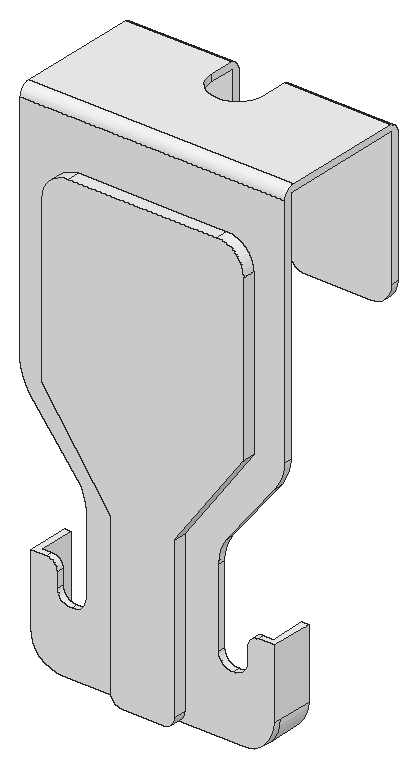
Revit family "clip_cs19", category 機械設備, Revit 2024
Family settings
  丸型コネクタ寸法 = 直径を使用
  種別 = なし
  パーツ タイプ = 標準
  作業面ベース = いいえ
  常に垂直 = はい
  ロード時にボイドで切り取り = いいえ
  注釈の向きを維持 = いいえ
  共有 = いいえ
  部屋計算ポイント = いいえ
Parameters
  製造元 = "株式会社桐井製作所"
  既定の高さ = 0 mm
  URL = "https://www.kirii.co.jp/"
  K_材質 = "SGCC　一般用"
  K_品名 = "CS-19用クリップ"
  K_名称 = "クリップ"
  K_単位質量(kg/個) = 0.009
  K_入数 = "1000"
  K_バージョン情報 = "20210524"
  K_めっき付着量 = "Z12"
  K_JIS規格 = "JIS G 3302"
  K_JIS外 [instance] = not(K_JIS)  # no
  K_JIS [instance] = yes
Reference planes
  plane 1 "中心(正面/背面)": y = 0
  plane 2: z = 0
  plane 3 "中心(左/右)": x = 0
Forms (mm)
  Extrusion 1, solid
    sketch origin (0, 0, 0) x (1, 0, 0) y (0, 0, 1)
      loop
        line (-9.5, 25) -> (-3, 16) -> (-3, 1)
        arc (-3, 1) -> (-2.707, 0.293) -> (-2, 0) r 1
        line (-2, 0) -> (2, 0)
        arc (2, 0) -> (2.707, 0.293) -> (3, 1) r 1
        line (3, 1) -> (3, 16) -> (9.5, 25) -> (9.5, 40.5)
        arc (9.5, 40.5) -> (8.768, 42.268) -> (7, 43) r 2.5
        line (7, 43) -> (-7, 43)
        arc (-7, 43) -> (-8.768, 42.268) -> (-9.5, 40.5) r 2.5
        line (-9.5, 40.5) -> (-9.5, 25)
    from -1.17 to 0
  Extrusion 2, solid
    sketch origin (0, 0, 0) x (1, 0, 0) y (0, 0, 1)
      loop
        line (-10.9, 10.122) -> (-11.5, 9.6) -> (-11.5, 3)
        arc (-11.5, 3) -> (-10.621, 0.879) -> (-8.5, 0) r 3
        line (-8.5, 0) -> (8.5, 0)
        arc (8.5, 0) -> (10.621, 0.879) -> (11.5, 3) r 3
        line (11.5, 3) -> (11.5, 9.6) -> (10.9, 10.122) -> (10.9, 3)
        arc (10.9, 3) -> (10.197, 1.303) -> (8.5, 0.6) r 2.4
        line (8.5, 0.6) -> (-8.5, 0.6)
        arc (-8.5, 0.6) -> (-10.197, 1.303) -> (-10.9, 3) r 2.4
        line (-10.9, 3) -> (-10.9, 10.122)
    from -5.17 to -1.8
  Extrusion 3, void
    sketch origin (0, 0, 0) x (1, 0, 0) y (0, 0, 1)
      loop
        arc (7.625, 6.006) -> (8.589, 6.323) -> (9, 7.25) r 1.25
        line (9, 7.25) -> (9, 8.6)
        arc (9, 8.6) -> (9.293, 9.307) -> (10, 9.6) r 1
        line (10, 9.6) -> (11.5, 9.6) -> (11.5, 3)
        arc (11.5, 3) -> (10.621, 0.879) -> (8.5, 0) r 3
        line (8.5, 0) -> (12.5, 0) -> (12.5, 25.377)
        arc (12.5, 25.377) -> (12.282, 24.075) -> (11.652, 22.915) r 4
        line (11.652, 22.915) -> (7.098, 17.085)
        arc (7.098, 17.085) -> (6.468, 15.925) -> (6.25, 14.623) r 4
        line (6.25, 14.623) -> (6.25, 7.25)
        arc (6.25, 7.25) -> (6.661, 6.323) -> (7.625, 6.006) r 1.25
      loop
        line (-12.5, 25.377) -> (-12.5, 0) -> (-8.5, 0)
        arc (-8.5, 0) -> (-10.621, 0.879) -> (-11.5, 3) r 3
        line (-11.5, 3) -> (-11.5, 9.6) -> (-10, 9.6)
        arc (-10, 9.6) -> (-9.293, 9.307) -> (-9, 8.6) r 1
        line (-9, 8.6) -> (-9, 7.25)
        arc (-9, 7.25) -> (-8.589, 6.323) -> (-7.625, 6.006) r 1.25
        arc (-7.625, 6.006) -> (-6.661, 6.323) -> (-6.25, 7.25) r 1.25
        line (-6.25, 7.25) -> (-6.25, 14.623)
        arc (-6.25, 14.623) -> (-6.468, 15.925) -> (-7.098, 17.085) r 4
        line (-7.098, 17.085) -> (-11.652, 22.915)
        arc (-11.652, 22.915) -> (-12.282, 24.075) -> (-12.5, 25.377) r 4
    from -5.17 to 0
  Extrusion 4, void
    sketch origin (0, 0, 0) x (1, 0, 0) y (0, 1, 0)
      loop
        line (-2.5, 14.418) -> (-2.5, 11.2)
        arc (-2.5, 11.2) -> (-1.768, 9.432) -> (0, 8.7) r 2.5
        arc (0, 8.7) -> (1.768, 9.432) -> (2.5, 11.2) r 2.5
        line (2.5, 11.2) -> (2.5, 14.418) -> (-2.5, 14.418)
    from 34.9 to 48.855
  Extrusion 5, solid
    sketch origin (0, 30, 0) x (0, 1, 0) y (0, 0, 1)
      loop
        line (-28.2, 47.9) -> (-16.199, 47.9) -> (-16.199, 32.283) -> (-15.582, 32.9) -> (-15.582, 47.684)
        arc (-15.582, 47.684) -> (-15.86, 48.234) -> (-16.408, 48.517) r 1
        line (-16.408, 48.517) -> (-27.828, 48.53)
        arc (-27.828, 48.53) -> (-28.536, 48.238) -> (-28.83, 47.53) r 1
        line (-28.83, 47.53) -> (-28.83, 0) -> (-27.64, 0) -> (-28.2, 0.6) -> (-28.2, 47.9)
    from -12.5 to 12.5
  Extrusion 6, void
    sketch origin (0, -19.099, 61.1) x (1, 0, 0) y (0, 0, -1)
      loop
        arc (2.5, 26.2) -> (3.086, 27.614) -> (4.5, 28.2) r 2
        line (4.5, 28.2) -> (10.5, 28.2)
        arc (10.5, 28.2) -> (11.914, 27.614) -> (12.5, 26.2) r 2
        line (12.5, 26.2) -> (12.5, 28.838) -> (-12.5, 28.838) -> (-12.5, 26.2)
        arc (-12.5, 26.2) -> (-11.914, 27.614) -> (-10.5, 28.2) r 2
        line (-10.5, 28.2) -> (-4.5, 28.2)
        arc (-4.5, 28.2) -> (-3.086, 27.614) -> (-2.5, 26.2) r 2
        line (-2.5, 26.2) -> (2.5, 26.2)
    from 32.9 to 33.517
Cuts and joins
  Extrusion 3 cuts Extrusion 2
  Extrusion 3, Extrusion 4, Extrusion 6 cuts Extrusion 5
  joined: Extrusion 1, Extrusion 2, Extrusion 5
Dimensions and locks
  aligned and locked: level to plane 2
